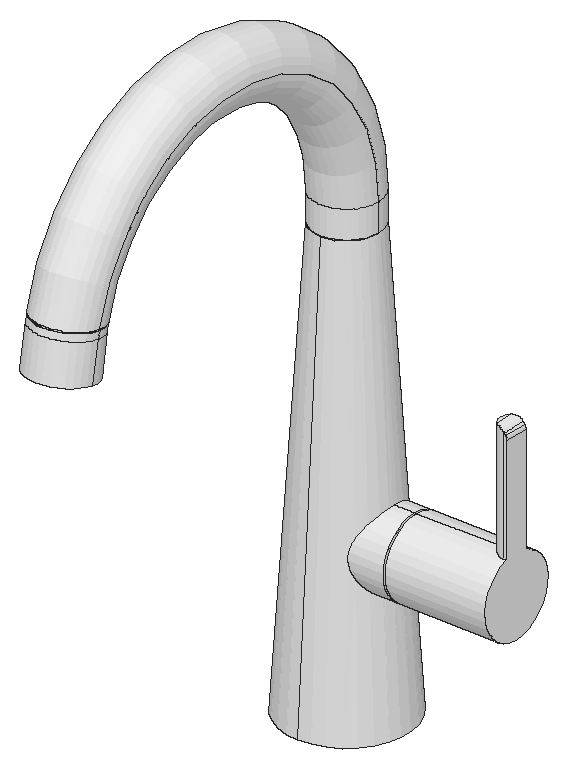
Revit family "Pillar_Tap-Grohe-Ladylux-30026_Series", category Plumbing Fixtures, Revit 2014
Parameters (values of type "30026000")
  cUPC Compliant = yes
  Width = 1 7/8"  # constant formula
  Waste Connection = no
  Warranty Documentation Link = "https://cdn.cloud.grohe.com/tpi/1000/1900/1940/1949/1949006/original/1949006.pdf"
  WFU = 0
  Vent Connection = no
  URL = "https://www.grohe.us/en_us/"
  Product Page URL = ""
  Price = "Prices may vary. Please consult Manufacturer Representative for most up-to-date price list."  # constant formula
  Model = "30026000"
  Material = "Metal-Grohe-000-Chrome"
  Manufacturer = "Grohe"
  Length = 5 9/16"  # constant formula
  Installation Type = "Deck-Mounted"
  Hot Water Connection Diameter = 3/8"
  Height = 10 1/2"  # constant formula
  HWFU = 1.5
  HW Connection = yes
  Flow Rate = "1.75 gpm (6.6 L/min)"
  Finish = Brass-Grohe-000-Chrome
  Description = "Ladylux Pillar Tap with Filter Function"  # constant formula
  Default Elevation = 0"
  Creation Date = "09/03/2019"  # constant formula
  Cold Water Connection Diameter = 3/8"
  CalGreen Compliant = yes
  CWFU = 1.5
  CW Connection = yes
  Assembly Code = "D2020300"
  ADA Compliant = yes
Types (3): name | Model | Material | Finish
  (no name) | "30026000" | "Metal-Grohe-000-Chrome" | Brass-Grohe-000-Chrome
  30026000 | "30026000" | "Metal-Grohe-000-Chrome" | Brass-Grohe-000-Chrome
  30026DC0 | "30026DC0" | "Metal-Grohe-DC0-Stainless Steel" | Brass-Grohe-DC0-SuperSteel
Reference planes (in)
  plane 1 "Center (Front/Back)": y = 0
  plane 2: z = 0
  plane 3 "Center (Left/Right)": x = 0
  plane 4: z = 10.5
  plane 5: z = 7.13
  plane 6: y = -5.55
  plane 7: through (0, -5.78926, 5.77308) normal (0, -0.9848, 0.1736)
  plane 8: y = 0.65625
  plane 9: y = -0.65625
  plane 10: z = 10
  plane 11: z = 2.51607
  plane 12: x = 2.6378
  plane 13: y = 0.08928
  plane 14: y = -0.08928
Forms (in)
  Revolve 1, solid, material "Brass-Grohe-000-Chrome" <- "Finish"
    sketch origin (0, 0, 0) x (0, 1, 0) y (0, 0, 1)
      loop
        line (0, 0) -> (0.94488, 0) -> (0.5, 6.81089) -> (0.43403, 6.81089) -> (0.43403, 6.90061) -> (0, 6.90061) -> (0, 0)
      axis (0, 0) -> (0, 6.90061)
    angle from 0 to 360
  Sweep 2, solid, material "Brass-Grohe-000-Chrome" <- "Finish"
    path origin (0, 0, 0) x (0, 1, 0) y (0, 0, 1)
      loop
        line (0, 6.8274) -> (0, 7.25676)
        arc (0, 7.25676) -> (-2.50363, 9.98899) -> (-5.44367, 7.73302) r 2.74267
        line (-5.44367, 7.73302) -> (-5.55, 7.13)
    profile origin (0, 0, 7.04208) x (0, -1, 0) y (1, 0, 0)
      loop
        circle (0, 0) r 0.5
  Extrusion 3, solid, material "Brass-Grohe-000-Chrome" <- "Finish"
    sketch origin (0, 0, 0) x (1, 0, 0) y (0, 1, 0)
      loop
        circle (0.375, 0) r 0.1875
      loop
        circle (-0.375, 0) r 0.1875
    from 0 to 0.41363
  Revolve 4, solid, material "Brass-Grohe-000-Chrome" <- "Finish"
    sketch origin (0, 0, 0.3125) x (1, 0, 0) y (0, 0, 1)
      loop
        line (0, 2.20357) -> (2.6378, 2.20357) -> (2.6378, 2.81009) -> (1.0886, 2.81009) -> (1.0886, 2.71682) -> (1.05775, 2.71682) -> (1.05775, 2.81009) -> (0, 2.81009) -> (0, 2.20357)
      axis (2.6378, 2.20357) -> (0, 2.20357)
    angle from 0 to 360
  Extrusion 5, solid, material "Brass-Grohe-000-Chrome" <- "Finish"
    sketch origin (0, 0, 0) x (1, 0, 0) y (0, 1, 0)
      loop
        line (2.6378, 0.18209) -> (2.57135, 0.18209)
        arc (2.57135, 0.18209) -> (2.38926, 0) -> (2.57135, -0.18209) r 0.18209
        line (2.57135, -0.18209) -> (2.6378, -0.18209) -> (2.6378, 0.18209)
    from 2.51607 to 4.93088
  Extrusion 6, void
    sketch origin (0, 0, 0) x (1, 0, 0) y (0, 0, 1)
      loop
        line (2.33853, 4.92171) -> (2.45392, 4.92171)
        arc (2.45392, 4.92171) -> (2.5344, 4.90201) -> (2.59669, 4.84739) r 0.17429
        line (2.59669, 4.84739) -> (2.6185, 4.81623)
        arc (2.6185, 4.81623) -> (2.63286, 4.78711) -> (2.6378, 4.75503) r 0.1067
        line (2.6378, 4.75503) -> (2.6378, 4.62722) -> (2.75288, 4.62722) -> (2.75288, 4.95606) -> (2.33853, 4.95606) -> (2.33853, 4.92171)
    from -0.27716 to 0.60652
  Extrusion 7, void
    sketch origin (0, -1.4658, -1.03823) x (1, 0, 0) y (0, 0.984808, -0.173648)
      loop
        circle (0, -5.44055) r 0.47816
      loop
        circle (0, -5.44055) r 0.53102
    from 8.05053 to 8.08029
Cuts and joins
  Extrusion 6 cuts Extrusion 5
  joined: Revolve 1, Extrusion 3, Revolve 4, Extrusion 5
  Extrusion 7 cuts Sweep 2
Lines and regions (in)
  Masking region 1
    outline origin (0, 0, 0) x (1, 0, 0) y (0, 1, 0)
      loop
        arc (0.5, -0.80175) -> (0.61999, -0.71303) -> (0.72452, -0.60652) r 0.94488
        line (0.72452, -0.60652) -> (2.6378, -0.60652) -> (2.6378, 0.60652) -> (0.72452, 0.60652)
        arc (0.72452, 0.60652) -> (-0.71303, 0.61999) -> (-0.5, -0.80175) r 0.94488
        line (-0.5, -0.80175) -> (-0.5, -5.53992)
        arc (-0.5, -5.53992) -> (0, -6.03992) -> (0.5, -5.53992) r 0.5
        line (0.5, -5.53992) -> (0.5, -0.80175)
  symbolic lines, detail levels medium+fine
    curve 1: line (-0.5, -0.80175, 0) -> (-0.5, 0, 0)
    curve 2: line (0.5, -0.80175, 0) -> (0.5, 0, 0)
    curve 3: arc (0.5, 0, 0) -> (0, 0.5, 0) -> (-0.5, 0, 0) r 0.5
    curve 4: line (-0.5, -5.25, 0) -> (-0.5, -5.44055, 0)
    curve 5: line (0.5, -5.25, 0) -> (0.5, -5.44055, 0)
    curve 6: arc (0.5, -5.44055, 0) -> (0, -5.94055, 0) -> (-0.5, -5.44055, 0) r 0.5
  symbolic lines, detail levels fine
    curve 7: arc (0.72452, 0.60652, 0) -> (0.65806, 0, 0) -> (0.72452, -0.60652, 0) r 2.80058
    curve 8: line (1.05775, 0.60652, 0) -> (1.05775, -0.60652, 0)
    curve 9: line (1.0886, 0.60652, 0) -> (1.0886, -0.60652, 0)
    curve 10: line (2.6378, 0.18209, 0) -> (2.57135, 0.18209, 0)
    curve 11: arc (2.57135, 0.18209, 0) -> (2.38926, 0, 0) -> (2.57135, -0.18209, 0) r 0.18209
    curve 12: line (2.57135, -0.18209, 0) -> (2.6378, -0.18209, 0)
Dimensions and locks (in)
  plane 4 to plane 2 = 10 1/2"
  plane 5 to plane 2 = 7.13"
  plane 1 "Center (Front/Back)" to plane 6 = 5.55"
  plane 8 to plane 9 = 1 5/16"
  plane 12 to plane 3 "Center (Left/Right)" = 2.6378"
  angle plane 6 to plane 7 = 10.00°
Connectors (in)
  piping at (-0.375, 0, 0), diameter 0.375, driven by "HWFU", driven by "Hot Water Connection Diameter"
    settings: on Extrusion 3, index 1, connector inside diameter 24", connector length 0", flow factor 0, pipe flow 0 GPM, pressure drop 0.00 psi, fitting loss kfactor 0, connector angle 0.00°, fixture units 1.5, engagement length 0", angle of deflection 0.00°, flow configuration 3, flow direction 1, fitting loss method 0, system type 19, joint type 0, gender type 0, connector reference index -1, connector utility 0, adjustable connector no, is connector primary yes, connector description "3/8\" HW Inlet Connection"
  piping at (0.375, 0, 0), diameter 0.375, driven by "CWFU", driven by "Cold Water Connection Diameter"
    settings: on Extrusion 3, index 2, connector inside diameter 24", connector length 0", flow factor 0, pipe flow 0 GPM, pressure drop 0.00 psi, fitting loss kfactor 0, connector angle 0.00°, fixture units 1.5, engagement length 0", angle of deflection 0.00°, flow configuration 3, flow direction 1, fitting loss method 0, system type 20, joint type 0, gender type 0, connector reference index -1, connector utility 0, adjustable connector no, is connector primary no, connector description "3/8\" CW Inlet Connection"
